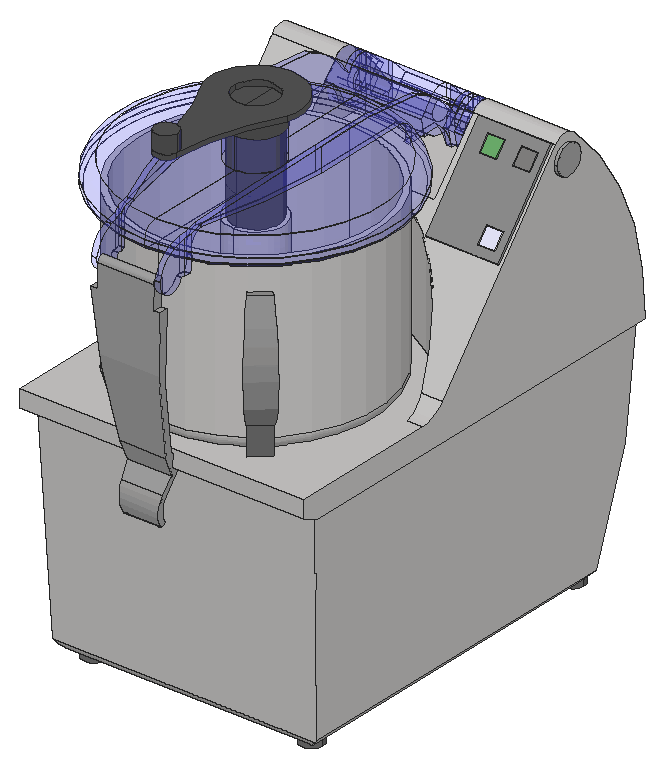
Revit family "QF_ELECTROLUXPROFESSIONAL_600511_K55YVVI", category Specialty Equipment, Revit 2018
Family settings
  Round Connector Dimension = Use Diameter
  Part Type = Normal
  Work Plane-Based = No
  Always vertical = Yes
  Cut with Voids When Loaded = No
  Shared = No
  Room Calculation Point = No
Parameters (values of type "Standard")
  Weight = 22.00 kg
  Watts = 0 W
  Volts = 200 V
  URL Manufacturer = "http://professional.electrolux.com"
  URL = "http://professional.electrolux.com"
  Steam Supply Size = 0 mm
  Steam Supply Minimum Pressure = 0.0 Pa
  Steam Supply Maximum Pressure = 0.0 Pa
  Steam Pounds per Hour = 0
  Refrigeration Suction Line Size = 0.0 mm
  Refrigeration Liquid Line Size = 0.0 mm
  Refrigerant Compressor Remote = yes
  Manufacturer = "Electrolux Professional"
  Phase = 1
  Model = "K55YVVI"
  Length Actual = 256.0 mm  # constant formula
  Item Number = "600511"
  Hot Water Size = 0 mm
  Height Actual = 482.0 mm  # constant formula
  HP = "1.7 HP"
  Gas Size = 0 mm
  Gas KW = 0
  Gas Input Pressure = 0 W
  Direct Waste Size = 0 mm
  Description = "CUTTER-MIXER 5.5L-MICROTOOTHED BLADE-VARIAB.SPEED-1300W-200-240V/1N/50-60-CB APPROVED, SCHUKO PLUG"
  Depth Actual = 415.0 mm  # constant formula
  Cycle = 50 Hz
  Condensate Return Size = 0 mm
  Compressed Air Volume = 0.0 L/s
  Compressed Air Size = 0 mm
  Compressed Air Pressure = 0.0 Pa
  Cold Water Size = 0 mm
  Accessory = yes
Reference planes
  plane 1 "Center (Front/Back)": y = 0
  plane 2: z = 0
  plane 3 "Center (Left/Right)": x = 0
  plane 4 "BASE": z = 6
  plane 5 "TOP": z = 685
  plane 6 "FRONT": y = -207.5
  plane 7 "BACK": y = 207.5
  plane 8 "LEFT": x = -128
  plane 9 "RIGHT": x = 128
  plane 10 "CenterX": x = -10
  plane 11 "Maniglia": through (-10, -59.177, 4000) normal (0.766, 0.6428, 0)
  plane 12 "Panel": through (4267.2, 107.252, 388.448) normal (0, 0.766, -0.6428)
  plane 13: z = 470
Forms (mm)
  Extrusion 1, solid, material "QF_Finishes_Stainless Steel"
    sketch origin (0, 0, 0) x (0, 1, 0) y (0, 0, 1)
      loop
        arc (155.897, 6) -> (160.37, 10.596) -> (163.359, 16.27) r 22.417
        arc (163.359, 16.27) -> (192.273, 107.896) -> (201.98, 203.483) r 470.678
        line (201.98, 203.483) -> (-161.42, 203.483)
        arc (-161.42, 203.483) -> (-159.547, 108.877) -> (-151.391, 14.604) r 1423.016
        arc (-151.391, 14.604) -> (-146.603, 8.365) -> (-139.103, 6) r 13.076
        line (-139.103, 6) -> (155.897, 6)
    from -128 to 128
  Extrusion 2, void
    sketch origin (0, -207.5, 0) x (-1, 0, 0) y (0, 0, 1)
      loop
        line (128, 203.483) -> (125, 203.483) -> (119.389, 16.27) -> (109.119, 6) -> (128, 6) -> (128, 203.483)
      loop
        line (-128, 203.483) -> (-128, 6) -> (-109.119, 6) -> (-119.389, 16.27) -> (-125, 203.483) -> (-128, 203.483)
    from 14.374 to 435.947
  Extrusion 3, solid, material "QF_Finishes_Stainless Steel"
    sketch origin (0, 0, 0) x (0, 1, 0) y (0, 0, 1)
      loop
        arc (207.5, 203.483) -> (187.745, 305.45) -> (127.203, 389.844) r 242.898
        arc (127.203, 389.844) -> (116.931, 393.38) -> (107.252, 388.448) r 13.902
        line (107.252, 388.448) -> (-20.106, 236.67)
        arc (-20.106, 236.67) -> (-30.264, 228.875) -> (-42.764, 226.104) r 29.578
        line (-42.764, 226.104) -> (-177.764, 226.104) -> (-177.764, 211.104) -> (-161.42, 203.483) -> (207.5, 203.483)
    from -128 to 128
  Extrusion 4, void
    sketch origin (0, -207.5, 0) x (-1, 0, 0) y (0, 0, 1)
      loop
        line (-53.607, 393.414) -> (-53.607, 336.684) -> (71.073, 336.684) -> (71.073, 393.414) -> (-53.607, 393.414)
    from 255.469 to 415
  Revolve 5, solid, material "QF_Plastic-Black"
    sketch origin (-10, 0, 0) x (0, -1, 0) y (0, 0, 1)
      loop
        line (59.177, 450.527) -> (28.516, 450.527) -> (35.424, 443.619) -> (35.424, 430.527) -> (38.194, 430.527) -> (38.194, 356.104) -> (59.177, 356.104) -> (59.177, 450.527)
      axis (59.177, 356.104) -> (59.177, 450.527)
    angle from 0 to 360
  Extrusion 6, solid, material "QF_Plastic-Black"
    sketch origin (0, 0, 0) x (1, 0, 0) y (0, 1, 0)
      loop
        arc (-48.167, -71.147) -> (-28.951, -114.517) -> (-19.956, -161.093) r 210.055
        arc (-19.956, -161.093) -> (-10, -170.155) -> (-0.044, -161.093) r 10
        arc (-0.044, -161.093) -> (8.951, -114.517) -> (28.167, -71.147) r 210.055
        arc (28.167, -71.147) -> (-10, -19.177) -> (-48.167, -71.147) r 40
    from 450.5 to 455
  Extrusion 7, solid, material "QF_Plastic-Black"
    sketch origin (0, 0, 0) x (1, 0, 0) y (0, 1, 0)
      loop
        circle (-10, -160.155) r 10
    from 455 to 470
  Extrusion 8, void
    sketch origin (0, 0, 0) x (1, 0, 0) y (0, 1, 0)
      loop
        circle (-10, -59.177) r 19
    from 427.6 to 472.8
  Extrusion 9, void
    sketch origin (0, 0, 0) x (1, 0, 0) y (0, 1, 0)
      loop
        arc (115, -59.177) -> (-10, 65.823) -> (-135, -59.177) r 125
        line (-135, -59.177) -> (115, -59.177)
    from 226.104 to 336.684
  Extrusion 10, void
    sketch origin (-20, 0, 0) x (-1, 0, 0) y (0, -1, 0)
      loop
        line (16.15, 177.864) -> (16.15, -123.86) -> (35.771, -123.86) -> (35.771, 48.192)
        arc (35.771, 48.192) -> (30.047, 105.502) -> (17.781, 161.776) r 500.876
        line (17.781, 161.776) -> (17.781, 171.776) -> (16.15, 177.864)
      loop
        line (40.771, -123.86) -> (45.852, -123.86) -> (45.852, 210.681) -> (21.15, 210.681) -> (21.15, 178.522) -> (22.781, 172.434) -> (22.781, 162.459)
        arc (22.781, 162.459) -> (35.047, 105.893) -> (40.771, 48.297) r 505.876
        line (40.771, 48.297) -> (40.771, -123.86)
    from 350.345 to 477.521
  Extrusion 11, solid, material "Glass"
    sketch origin (-20, 0, 0) x (0, 1, 0) y (0, 0, -1)
      loop
        line (-173.064, -369.647) -> (-181.303, -369.647)
        arc (-181.303, -369.647) -> (-196.341, -361.818) -> (-205.451, -376.117) r 12.548
        arc (-205.451, -376.117) -> (-199.87, -388.651) -> (-189.058, -397.099) r 28.357
        arc (-189.058, -397.099) -> (-65.868, -423.241) -> (59.99, -418.888) r 518.061
        arc (59.99, -418.888) -> (85.116, -404.522) -> (104.437, -382.973) r 90.696
        arc (104.437, -382.973) -> (113.885, -392.821) -> (127.203, -389.844) r 13.902
        arc (127.203, -389.844) -> (135.322, -382.188) -> (143.082, -374.167) r 242.898
        line (143.082, -374.167) -> (137.378, -368.464)
        arc (137.378, -368.464) -> (123.613, -353.84) -> (104.088, -358.543) r 20
        line (104.088, -358.543) -> (99.34, -358.543)
        arc (99.34, -358.543) -> (94.194, -371.609) -> (85.823, -382.884) r 53.446
        line (85.823, -382.884) -> (50.823, -382.884)
        arc (50.823, -382.884) -> (52.796, -383.701) -> (53.614, -385.674) r 2.79
        line (53.614, -385.674) -> (53.614, -390.892)
        arc (53.614, -390.892) -> (50.154, -399.244) -> (41.802, -402.703) r 11.812
        line (41.802, -402.703) -> (-160.307, -402.703)
        arc (-160.307, -402.703) -> (-168.659, -399.244) -> (-172.119, -390.892) r 11.812
        line (-172.119, -390.892) -> (-172.119, -385.826)
        arc (-172.119, -385.826) -> (-171.728, -384.361) -> (-170.659, -383.285) r 2.942
        line (-170.659, -383.285) -> (-173.064, -369.647)
      loop
        circle (117.901, -373.007) r 9.416
    from 16.15 to 45.852
  Extrusion 12, solid, material "Glass"
    sketch origin (0, 0, 0) x (0, 1, 0) y (0, 0, 1)
      loop
        line (137.378, 368.464) -> (143.082, 374.167)
        arc (143.082, 374.167) -> (135.322, 382.188) -> (127.203, 389.844) r 242.898
        arc (127.203, 389.844) -> (116.931, 393.38) -> (107.252, 388.448) r 13.902
        line (107.252, 388.448) -> (95.766, 374.76)
        arc (95.766, 374.76) -> (97.862, 366.72) -> (99.34, 358.543) r 108.872
        line (99.34, 358.543) -> (104.088, 358.543)
        arc (104.088, 358.543) -> (123.613, 353.84) -> (137.378, 368.464) r 20
      loop
        circle (117.901, 373.007) r 9.416
    from -71.073 to 53.607
  Extrusion 13, solid, material "QF_Finishes_Gray"
    sketch origin (0, 0, 0) x (0, 1, 0) y (0, 0, 1)
      loop
        arc (-182.273, 168.111) -> (-185.377, 178.111) -> (-182.273, 188.111) r 17.658
        line (-182.273, 188.111) -> (-169.592, 207.294) -> (-177.764, 211.104) -> (-177.764, 222.201) -> (-180.378, 224.815)
        arc (-180.378, 224.815) -> (-194.973, 298.318) -> (-196.805, 373.235) r 437.299
        arc (-196.805, 373.235) -> (-201.296, 377.726) -> (-205.788, 373.235) r 4.491
        arc (-205.788, 373.235) -> (-201.07, 296.739) -> (-185.461, 221.705) r 534.528
        line (-185.461, 221.705) -> (-177.764, 203.503) -> (-186.394, 190.943)
        arc (-186.394, 190.943) -> (-190.377, 178.111) -> (-186.394, 165.28) r 22.658
        arc (-186.394, 165.28) -> (-182.917, 164.635) -> (-182.273, 168.111) r 2.5
    from -49.646 to 27.326
  Extrusion 14, void
    sketch origin (0, -207.5, 0) x (-1, 0, 0) y (0, 0, 1)
      loop
        line (-15.15, 396.938) -> (-47.326, 396.938) -> (-47.326, 161.938) -> (-5.366, 161.938) -> (-20.516, 351.652) -> (-15.15, 351.652) -> (-15.15, 396.938)
      loop
        line (26.963, 161.938) -> (77.918, 161.938) -> (77.918, 396.938) -> (35.15, 396.938) -> (35.15, 351.652) -> (42.113, 351.652) -> (26.963, 161.938)
    from 46.08 to -69.339
  Extrusion 15, solid, material "Glass"
    sketch origin (0, 0, 0) x (0, 1, 0) y (0, 0, 1)
      loop
        line (-173.064, 369.647) -> (-170.659, 383.285)
        arc (-170.659, 383.285) -> (-171.728, 384.361) -> (-172.119, 385.826) r 2.942
        line (-172.119, 385.826) -> (-172.119, 390.892)
        arc (-172.119, 390.892) -> (-168.659, 399.244) -> (-160.307, 402.703) r 11.812
        line (-160.307, 402.703) -> (41.802, 402.703)
        arc (41.802, 402.703) -> (50.154, 399.244) -> (53.614, 390.892) r 11.812
        line (53.614, 390.892) -> (53.614, 385.674)
        arc (53.614, 385.674) -> (52.796, 383.701) -> (50.823, 382.884) r 2.79
        line (50.823, 382.884) -> (85.823, 382.884)
        arc (85.823, 382.884) -> (94.194, 371.609) -> (99.34, 358.543) r 53.446
        line (99.34, 358.543) -> (104.088, 358.543)
        arc (104.088, 358.543) -> (123.613, 353.84) -> (137.378, 368.464) r 20
        line (137.378, 368.464) -> (143.082, 374.167)
        arc (143.082, 374.167) -> (135.322, 382.188) -> (127.203, 389.844) r 242.898
        arc (127.203, 389.844) -> (113.885, 392.821) -> (104.437, 382.973) r 13.902
        arc (104.437, 382.973) -> (85.116, 404.522) -> (59.99, 418.888) r 90.696
        arc (59.99, 418.888) -> (-65.868, 423.241) -> (-189.058, 397.099) r 518.061
        arc (-189.058, 397.099) -> (-199.87, 388.651) -> (-205.451, 376.117) r 28.357
        arc (-205.451, 376.117) -> (-196.341, 361.818) -> (-181.303, 369.647) r 12.548
        line (-181.303, 369.647) -> (-173.064, 369.647)
      loop
        circle (117.901, 373.007) r 9.416
    from 16.15 to 45.852
  Extrusion 16, void
    sketch origin (0, 0, 0) x (1, 0, 0) y (0, 1, 0)
      loop
        line (16.15, -177.864) -> (17.781, -171.776) -> (17.781, -161.776)
        arc (17.781, -161.776) -> (30.047, -105.502) -> (35.771, -48.192) r 500.876
        line (35.771, -48.192) -> (35.771, 123.86) -> (16.15, 123.86) -> (16.15, -177.864)
      loop
        line (40.771, 123.86) -> (40.771, -48.297)
        arc (40.771, -48.297) -> (35.047, -105.893) -> (22.781, -162.459) r 505.876
        line (22.781, -162.459) -> (22.781, -172.434) -> (21.15, -178.522) -> (21.15, -210.681) -> (45.852, -210.681) -> (45.852, 123.86) -> (40.771, 123.86)
    from 350.345 to 477.521
  Revolve 17, solid, material "Glass"
    sketch origin (-10, 0, -40) x (0, -1, 0) y (0, 0, 1)
      loop
        line (38.194, 422.884) -> (38.194, 470.527) -> (35.424, 470.527) -> (35.424, 442.703) -> (-53.802, 442.703)
        arc (-53.802, 442.703) -> (-62.213, 439.268) -> (-65.732, 430.892) r 11.871
        line (-65.732, 430.892) -> (-65.732, 425.793)
        arc (-65.732, 425.793) -> (-64.88, 423.736) -> (-62.823, 422.884) r 2.909
        line (-62.823, 422.884) -> (38.194, 422.884)
      axis (59.177, 422.884) -> (59.177, 470.527)
    angle from 0 to 360
  Revolve 18, solid, material "QF_Metal-Stainless-Polished"
    sketch origin (-10, 0, 0) x (0, -1, 0) y (0, 0, 1)
      loop
        line (169.177, 382.884) -> (164.177, 382.884) -> (164.177, 237.884)
        arc (164.177, 237.884) -> (162.191, 233.09) -> (157.397, 231.104) r 6.78
        line (157.397, 231.104) -> (84.177, 231.104) -> (84.177, 356.104) -> (79.177, 356.104) -> (79.177, 226.104) -> (157.397, 226.104)
        arc (157.397, 226.104) -> (165.726, 229.554) -> (169.177, 237.884) r 11.78
        line (169.177, 237.884) -> (169.177, 382.884)
      axis (59.177, 382.884) -> (59.177, 226.104)
    angle from 0 to 360
  Extrusion 19, solid, material "QF_Plastic-Gray-Matte"
    sketch origin (-49.423, -13.925, 0) x (0.634002, 0.773331, 0) y (-0.773331, 0.634002, 0)
      loop
        line (-55.497, -222.333) -> (-26.468, -227.794) -> (-20.635, -161.119)
        arc (-20.635, -161.119) -> (-28.727, -159.898) -> (-36.729, -158.185) r 133.529
        line (-36.729, -158.185) -> (-55.497, -222.333)
    from 226.104 to 356.104
  Revolve 20, void
    sketch origin (-35.007, -29.374, 0) x (-0.642788, 0.766044, 0) y (0, 0, 1)
      loop
        arc (-155.215, 337.579) -> (-171.344, 302.579) -> (-155.215, 267.579) r 46.04
        line (-155.215, 267.579) -> (-147.754, 267.579) -> (-147.754, 337.579) -> (-155.215, 337.579)
      loop
        line (-155.215, 356.104) -> (-147.754, 356.104) -> (-147.754, 361.761) -> (-215.215, 361.761) -> (-215.215, 226.104) -> (-147.754, 226.104) -> (-147.754, 256.485) -> (-163.93, 256.485)
        arc (-163.93, 256.485) -> (-184.453, 308.471) -> (-155.215, 356.104) r 62.537
      axis (10, 361.761) -> (10, 226.104)
    angle from -8.217 to 8.652
  Extrusion 21, solid, material "QF_Finishes_Rubber Black"
    sketch origin (0, 0, 0) x (1, 0, 0) y (0, 1, 0)
      loop
        arc (57.446, -154.071) -> (64.931, -148.135) -> (72.061, -141.775) r 165.215
        line (72.061, -141.775) -> (66.401, -136.116)
        arc (66.401, -136.116) -> (59.824, -141.977) -> (52.928, -147.46) r 157.215
        line (52.928, -147.46) -> (57.446, -154.071)
    from 226.104 to 256.485
  Extrusion 22, solid, material "QF_Plastic-Gray-Matte"
    sketch origin (0, -128.336, 107.686) x (0, 0.642788, 0.766044) y (1, 0, 0)
      loop
        line (366.07, 59.066) -> (366.07, 124.8) -> (272.743, 124.8) -> (272.743, 59.066) -> (366.07, 59.066)
      loop
        line (356.63, 102.599) -> (356.63, 117.599) -> (341.63, 117.599) -> (341.63, 102.599) -> (356.63, 102.599)
      loop
        line (295.63, 102.599) -> (295.63, 117.599) -> (280.63, 117.599) -> (280.63, 102.599) -> (295.63, 102.599)
      loop
        line (356.63, 72.599) -> (356.63, 87.599) -> (341.63, 87.599) -> (341.63, 72.599) -> (356.63, 72.599)
    from -1 to 0.6
  Extrusion 23, solid, material "QF_Finishes_Red"
    sketch origin (0, -128.336, 107.686) x (0, 0.642788, 0.766044) y (1, 0, 0)
      loop
        line (356.63, 102.599) -> (356.63, 117.599) -> (341.63, 117.599) -> (341.63, 102.599) -> (356.63, 102.599)
    from -1 to 0.6
  Extrusion 24, solid, material "QF_Finishes_Green"
    sketch origin (-27.396, -127.834, 108.284) x (0, 0.642788, 0.766044) y (1, 0, 0)
      loop
        line (355.85, 99.994) -> (355.85, 114.994) -> (340.786, 114.994) -> (340.786, 99.994) -> (355.85, 99.994)
    from -1 to 0.6
  Extrusion 25, solid, material "QF_Plastic-White-Matte"
    sketch origin (0, -167.546, 60.958) x (0, 0.642788, 0.766044) y (1, 0, 0)
      loop
        line (356.63, 102.599) -> (356.63, 117.599) -> (341.63, 117.599) -> (341.63, 102.599) -> (356.63, 102.599)
    from -1 to 0.6
  Extrusion 26, solid, material "QF_Finishes_Stainless Steel"
    sketch origin (0, 207.5, 0) x (-1, 0, 0) y (0, 0, 1)
      loop
        circle (0, 202) r 10.353
    from -6.2 to 3
  Revolve 27, solid, material "QF_Door-Drawer Clearances", detail levels coarse
    sketch origin (-10, -221.856, 479.549) x (0, 0, 1) y (0, 1, 0)
      loop
        line (59.177, 490.527) -> (28.516, 490.527) -> (35.424, 483.619) -> (35.424, 470.527) -> (38.194, 470.527) -> (38.194, 442.703) -> (59.177, 442.703) -> (59.177, 490.527)
      axis (59.177, 442.703) -> (59.177, 490.527)
    angle from 0 to 360
  Extrusion 28, solid, material "QF_Door-Drawer Clearances", detail levels coarse
    sketch origin (0, -221.856, 479.549) x (1, 0, 0) y (0, 0, -1)
      loop
        arc (-48.167, -71.147) -> (-28.951, -114.517) -> (-19.956, -161.093) r 210.055
        arc (-19.956, -161.093) -> (-10, -170.155) -> (-0.044, -161.093) r 10
        arc (-0.044, -161.093) -> (8.951, -114.517) -> (28.167, -71.147) r 210.055
        arc (28.167, -71.147) -> (-10, -19.177) -> (-48.167, -71.147) r 40
    from 490.527 to 495.013
  Extrusion 29, solid, material "QF_Door-Drawer Clearances", detail levels coarse
    sketch origin (0, -221.856, 479.549) x (1, 0, 0) y (0, 0, -1)
      loop
        circle (-10, -160.155) r 10
    from 495.013 to 510.592
  Extrusion 30, void
    sketch origin (-20, -221.856, 479.359) x (-1, 0, 0) y (0, 0, 1)
      loop
        line (16.15, 177.864) -> (16.15, -123.86) -> (35.771, -123.86) -> (35.771, 48.192)
        arc (35.771, 48.192) -> (30.047, 105.502) -> (17.781, 161.776) r 500.876
        line (17.781, 161.776) -> (17.781, 171.776) -> (16.15, 177.864)
      loop
        line (40.771, -123.86) -> (45.852, -123.86) -> (45.852, 210.681) -> (21.15, 210.681) -> (21.15, 178.522) -> (22.781, 172.434) -> (22.781, 162.459)
        arc (22.781, 162.459) -> (35.047, 105.893) -> (40.771, 48.297) r 505.876
        line (40.771, 48.297) -> (40.771, -123.86)
    from 350.345 to 477.521
  Extrusion 31, solid, material "QF_Door-Drawer Clearances", detail levels coarse
    sketch origin (-20, -221.856, 479.359) x (0, 0, -1) y (0, -1, 0)
      loop
        line (-173.064, -409.647) -> (-181.303, -409.647)
        arc (-181.303, -409.647) -> (-196.341, -401.818) -> (-205.451, -416.117) r 12.548
        arc (-205.451, -416.117) -> (-199.87, -428.651) -> (-189.058, -437.099) r 28.357
        arc (-189.058, -437.099) -> (-65.868, -463.241) -> (59.99, -458.888) r 518.061
        arc (59.99, -458.888) -> (92.246, -438.11) -> (113.023, -405.855) r 90.696
        arc (113.023, -405.855) -> (114.903, -399.662) -> (115.972, -393.28) r 50.278
        arc (115.972, -393.28) -> (121.968, -392.806) -> (127.203, -389.844) r 13.902
        arc (127.203, -389.844) -> (129.309, -387.924) -> (131.393, -385.98) r 242.898
        arc (131.393, -385.98) -> (114.739, -373.307) -> (99.238, -359.247) r 242.898
        arc (99.238, -359.247) -> (87.934, -393.903) -> (65.823, -422.884) r 108.872
        line (65.823, -422.884) -> (50.823, -422.884)
        arc (50.823, -422.884) -> (52.796, -423.701) -> (53.614, -425.674) r 2.79
        line (53.614, -425.674) -> (53.614, -430.892)
        arc (53.614, -430.892) -> (50.154, -439.244) -> (41.802, -442.703) r 11.812
        line (41.802, -442.703) -> (-160.307, -442.703)
        arc (-160.307, -442.703) -> (-168.659, -439.244) -> (-172.119, -430.892) r 11.812
        line (-172.119, -430.892) -> (-172.119, -425.826)
        arc (-172.119, -425.826) -> (-171.728, -424.361) -> (-170.659, -423.285) r 2.942
        line (-170.659, -423.285) -> (-173.064, -409.647)
    from 16.15 to 45.852
  Extrusion 32, void
    sketch origin (0, -221.856, 479.359) x (1, 0, 0) y (0, 0, -1)
      loop
        line (16.15, -177.864) -> (17.781, -171.776) -> (17.781, -161.776)
        arc (17.781, -161.776) -> (30.047, -105.502) -> (35.771, -48.192) r 500.876
        line (35.771, -48.192) -> (35.771, 123.86) -> (16.15, 123.86) -> (16.15, -177.864)
      loop
        line (40.771, 123.86) -> (40.771, -48.297)
        arc (40.771, -48.297) -> (35.047, -105.893) -> (22.781, -162.459) r 505.876
        line (22.781, -162.459) -> (22.781, -172.434) -> (21.15, -178.522) -> (21.15, -210.681) -> (45.852, -210.681) -> (45.852, 123.86) -> (40.771, 123.86)
    from 350.345 to 477.521
  Extrusion 33, solid, material "QF_Door-Drawer Clearances", detail levels coarse
    sketch origin (0, -221.856, 479.359) x (0, 0, -1) y (0, 1, 0)
      loop
        line (-173.064, 409.647) -> (-170.659, 423.285)
        arc (-170.659, 423.285) -> (-171.728, 424.361) -> (-172.119, 425.826) r 2.942
        line (-172.119, 425.826) -> (-172.119, 430.892)
        arc (-172.119, 430.892) -> (-168.659, 439.244) -> (-160.307, 442.703) r 11.812
        line (-160.307, 442.703) -> (41.802, 442.703)
        arc (41.802, 442.703) -> (50.154, 439.244) -> (53.614, 430.892) r 11.812
        line (53.614, 430.892) -> (53.614, 425.674)
        arc (53.614, 425.674) -> (52.796, 423.701) -> (50.823, 422.884) r 2.79
        line (50.823, 422.884) -> (65.823, 422.884)
        arc (65.823, 422.884) -> (87.934, 393.903) -> (99.238, 359.247) r 108.872
        arc (99.238, 359.247) -> (114.739, 373.307) -> (131.393, 385.98) r 242.898
        arc (131.393, 385.98) -> (129.309, 387.924) -> (127.203, 389.844) r 242.898
        arc (127.203, 389.844) -> (121.968, 392.806) -> (115.972, 393.28) r 13.902
        arc (115.972, 393.28) -> (114.903, 399.662) -> (113.023, 405.855) r 50.278
        arc (113.023, 405.855) -> (92.246, 438.11) -> (59.99, 458.888) r 90.696
        arc (59.99, 458.888) -> (-65.868, 463.241) -> (-189.058, 437.099) r 518.061
        arc (-189.058, 437.099) -> (-199.87, 428.651) -> (-205.451, 416.117) r 28.357
        arc (-205.451, 416.117) -> (-196.341, 401.818) -> (-181.303, 409.647) r 12.548
        line (-181.303, 409.647) -> (-173.064, 409.647)
    from 16.15 to 45.852
  Revolve 34, solid, material "QF_Door-Drawer Clearances", detail levels coarse
    sketch origin (-10, -221.856, 479.549) x (0, 0, 1) y (0, 1, 0)
      loop
        line (38.194, 422.884) -> (38.194, 470.527) -> (35.424, 470.527) -> (35.424, 442.703) -> (-53.802, 442.703)
        arc (-53.802, 442.703) -> (-62.213, 439.268) -> (-65.732, 430.892) r 11.871
        line (-65.732, 430.892) -> (-65.732, 425.793)
        arc (-65.732, 425.793) -> (-64.88, 423.736) -> (-62.823, 422.884) r 2.909
        line (-62.823, 422.884) -> (38.194, 422.884)
      axis (59.177, 422.884) -> (59.177, 470.527)
    angle from 0 to 360
  Extrusion 35, solid, material "QF_Finishes_Rubber Black"
    sketch origin (0, 0, 0) x (1, 0, 0) y (0, 1, 0)
      loop
        circle (-98.592, 163.359) r 10
      loop
        circle (-98.592, -131.641) r 10
      loop
        circle (98.592, 163.359) r 10
      loop
        circle (98.592, -131.641) r 10
    from 0 to 6
  Extrusion 36, solid, material "QF_Finishes_Gray"
    sketch origin (0, 0, 0) x (0, 1, 0) y (0, 0, 1)
      loop
        circle (117.901, 373.007) r 13.005
    from 131.516 to 128
  Extrusion 37, solid, material "QF_Finishes_Gray"
    sketch origin (0, 0, 0) x (0, 1, 0) y (0, 0, -1)
      loop
        circle (117.901, -373.007) r 13.005
    from 131.516 to 128
Cuts and joins
  Extrusion 2, Extrusion 8, Extrusion 9 cuts Extrusion 1
  Extrusion 4, Extrusion 9 cuts Extrusion 3
  Extrusion 8 cuts Extrusion 6
  Extrusion 10, Extrusion 16, Extrusion 30, Extrusion 32 cuts Extrusion 11
  Extrusion 14, Extrusion 16, Extrusion 30 cuts Extrusion 13
  Extrusion 16, Extrusion 30, Extrusion 32 cuts Extrusion 12
  Extrusion 16 cuts Extrusion 15
  Revolve 20 cuts Extrusion 19
  Extrusion 30 cuts Revolve 17
  Extrusion 30 cuts Revolve 18
  Extrusion 30, Extrusion 32 cuts Extrusion 31
  Extrusion 32 cuts Extrusion 33
Lines and regions (mm)
  symbolic lines
    curve 1: arc (-10, -172.155, 0) -> (3.999, -171.284, 0) -> (17.781, -168.686, 0) r 112.979
    curve 2: arc (-10, -184.085, 0) -> (-23.148, -183.391, 0) -> (-36.15, -181.317, 0) r 124.909
    curve 3: line (128, -157.764, 0) -> (128, 187.57, 0)
    curve 4: line (124.8, 106.204, 0) -> (59.066, 106.204, 0)
    curve 5: line (102.599, 90.494, 0) -> (117.599, 90.494, 0)
    curve 6: line (117.599, 62.151, 0) -> (102.599, 62.151, 0)
    curve 7: line (102.599, 51.284, 0) -> (117.599, 51.284, 0)
    curve 8: line (102.599, 62.151, 0) -> (102.599, 51.284, 0)
    curve 9: line (117.599, 51.284, 0) -> (117.599, 62.151, 0)
    curve 10: line (117.599, 90.494, 0) -> (117.599, 101.361, 0)
    curve 11: line (102.599, 101.361, 0) -> (102.599, 90.494, 0)
    curve 12: arc (-0.044, -161.093, 0) -> (8.951, -114.517, 0) -> (28.167, -71.147, 0) r 210.055
    curve 13: arc (28.167, -71.147, 0) -> (-10, -19.177, 0) -> (-48.167, -71.147, 0) r 40
    curve 14: arc (-48.167, -71.147, 0) -> (-28.951, -114.517, 0) -> (-19.956, -161.093, 0) r 210.055
    curve 15: arc (-19.956, -161.093, 0) -> (-10, -170.155, 0) -> (-0.044, -161.093, 0) r 10
    curve 16: arc (0, -160.155, 0) -> (-10, -150.155, 0) -> (-20, -160.155, 0) r 10
    curve 17: arc (-55.771, -48.192, 0) -> (-50.047, -105.502, 0) -> (-37.781, -161.776, 0) r 500.876
    curve 18: arc (-42.781, -162.459, 0) -> (-55.047, -105.893, 0) -> (-60.771, -48.297, 0) r 505.876
    curve 19: line (-55.771, 123.86, 0) -> (-55.771, -48.192, 0)
    curve 20: line (-60.771, -48.297, 0) -> (-60.771, 123.86, 0)
    curve 21: line (40.771, 123.86, 0) -> (40.771, -48.297, 0)
    curve 22: line (35.771, -48.192, 0) -> (35.771, 123.86, 0)
    curve 23: arc (40.771, -48.297, 0) -> (35.047, -105.893, 0) -> (22.781, -162.459, 0) r 505.876
    curve 24: arc (17.781, -161.776, 0) -> (30.047, -105.502, 0) -> (35.771, -48.192, 0) r 500.876
    curve 25: line (22.781, -162.459, 0) -> (22.781, -172.434, 0)
    curve 26: line (17.781, -171.776, 0) -> (17.781, -161.776, 0)
    curve 27: line (16.15, -177.864, 0) -> (17.781, -171.776, 0)
    curve 28: line (22.781, -172.434, 0) -> (21.15, -178.522, 0)
    curve 29: line (21.15, -178.522, 0) -> (21.15, -205.641, 0)
    curve 30: line (-37.781, -161.776, 0) -> (-37.781, -171.776, 0)
    curve 31: line (-42.781, -172.434, 0) -> (-42.781, -162.459, 0)
    curve 32: line (-41.15, -178.522, 0) -> (-42.781, -172.434, 0)
    curve 33: line (-37.781, -171.776, 0) -> (-36.15, -177.864, 0)
    curve 34: line (-41.15, -205.641, 0) -> (-41.15, -178.522, 0)
    curve 35: spline (22.008, -197.61, 0) -> (21.937, -197.617, 0) -> (21.865, -197.622, 0) -> (21.794, -197.626, 0) -> (21.722, -197.627, 0) -> (21.651, -197.627, 0) -> (21.579, -197.625, 0) -> (21.508, -197.621, 0) -> (21.436, -197.615, 0) -> (21.365, -197.608, 0) -> (21.293, -197.598, 0) -> (21.222, -197.587, 0) -> (21.15, -197.574, 0)
    curve 36: line (-71.073, 171.51, 0) -> (53.607, 171.51, 0)
    curve 37: line (59.066, 46.214, 0) -> (124.8, 46.214, 0)
    curve 38: line (59.066, 106.204, 0) -> (59.066, 46.214, 0)
    curve 39: line (124.8, 46.214, 0) -> (124.8, 107.429, 0)
    curve 40: line (53.607, 48.324, 0) -> (53.607, 171.51, 0)
    curve 41: line (-71.073, 171.51, 0) -> (-71.073, 49.783, 0)
    curve 42: arc (40.771, 54.948, 0) -> (114.476, -69.566, 0) -> (21.15, -180.138, 0) r 124.909
    curve 43: arc (-60.771, 41.751, 0) -> (-122.562, -68.863, 0) -> (-42.781, -167.295, 0) r 112.979
    curve 44: line (93.154, -162.392, 0) -> (78.293, -147.531, 0)
    curve 45: line (93.154, -162.392, 0) -> (74.048, -178.424, 0)
    curve 46: line (74.048, -178.424, 0) -> (61.96, -161.274, 0)
    curve 47: arc (-37.781, -168.686, 0) -> (-23.999, -171.284, 0) -> (-10, -172.155, 0) r 112.979
    curve 48: arc (-41.15, -180.138, 0) -> (-94.625, -151.05, 0) -> (-128, -100.142, 0) r 124.909
    curve 49: arc (22.781, -167.295, 0) -> (102.562, -68.863, 0) -> (40.771, 41.751, 0) r 112.979
    curve 50: arc (16.15, -181.317, 0) -> (3.148, -183.391, 0) -> (-10, -184.085, 0) r 124.909
    curve 51: line (16.15, -205.242, 0) -> (16.15, -177.864, 0)
    curve 52: line (-36.15, -205.641, 0) -> (-36.15, -177.864, 0)
    curve 53: line (-41.15, -205.641, 0) -> (21.15, -205.641, 0)
    curve 54: line (22.008, -205.53, 0) -> (22.008, -197.61, 0)
    curve 55: line (22.008, -205.53, 0) -> (21.15, -205.53, 0)
    curve 56: spline (-42.008, -197.61, 0) -> (-41.937, -197.617, 0) -> (-41.865, -197.622, 0) -> (-41.794, -197.626, 0) -> (-41.722, -197.627, 0) -> (-41.651, -197.627, 0) -> (-41.579, -197.625, 0) -> (-41.508, -197.621, 0) -> (-41.436, -197.615, 0) -> (-41.365, -197.608, 0) -> (-41.293, -197.598, 0) -> (-41.222, -197.587, 0) -> (-41.15, -197.574, 0)
    curve 57: line (-42.008, -205.53, 0) -> (-42.008, -197.61, 0)
    curve 58: line (-42.008, -205.53, 0) -> (-41.15, -205.53, 0)
    curve 59: arc (-128, -18.211, 0) -> (-101.973, 25.34, 0) -> (-60.771, 54.948, 0) r 124.909
    curve 60: arc (-128, -100.142, 0) -> (-134.909, -59.177, 0) -> (-128, -18.211, 0) r 124.909
    curve 61: line (-108, -177.764, 0) -> (-49.233, -177.764, 0)
    curve 62: line (-128, 187.57, 0) -> (-128, -17.764, 0)
    curve 63: line (29.233, -177.764, 0) -> (108, -177.764, 0)
    curve 64: line (-128, -97.764, 0) -> (-128, -157.764, 0)
    curve 65: line (-108, 207.57, 0) -> (108, 207.57, 0)
    curve 66: arc (-128, -157.764, 0) -> (-122.142, -171.906, 0) -> (-108, -177.764, 0) r 20
    curve 67: arc (108, -177.764, 0) -> (122.142, -171.906, 0) -> (128, -157.764, 0) r 20
    curve 68: arc (128, 187.57, 0) -> (122.142, 201.713, 0) -> (108, 207.57, 0) r 20
    curve 69: arc (-108, 207.57, 0) -> (-122.142, 201.713, 0) -> (-128, 187.57, 0) r 20
    curve 70: line (45.852, 123.86, 0) -> (-71.073, 123.86, 0)
    curve 71: line (45.852, 137.378, 0) -> (-65.852, 137.378, 0)
    curve 72: line (45.852, 143.082, 0) -> (-65.852, 143.082, 0)
    curve 73: line (53.607, 123.86, 0) -> (45.852, 123.86, 0)
    curve 74: line (45.852, 123.86, 0) -> (45.852, 170.216, 0)
    curve 75: line (45.852, 170.216, 0) -> (-65.852, 170.216, 0)
    curve 76: line (-65.852, 170.216, 0) -> (-65.852, 123.86, 0)
    curve 77: line (102.599, 101.361, 0) -> (117.599, 101.361, 0)
    curve 78: line (72.599, 90.494, 0) -> (87.599, 90.494, 0)
    curve 79: line (87.599, 90.494, 0) -> (87.599, 101.361, 0)
    curve 80: line (72.599, 101.361, 0) -> (72.599, 90.494, 0)
    curve 81: line (72.599, 101.361, 0) -> (87.599, 101.361, 0)
Dimensions and locks
  plane 4 "BASE" to level = 6.0 mm
  plane 5 "TOP" to level = 685.0 mm  (x2)
  plane 8 "LEFT" to plane 3 "Center (Left/Right)" to plane 9 "RIGHT" = 128.0 mm, 128.0 mm
  plane 7 "BACK" to plane 1 "Center (Front/Back)" to plane 6 "FRONT" = 207.5 mm, 207.5 mm
  plane 7 "BACK" to plane 6 "FRONT" = 415.0 mm
  plane 8 "LEFT" to plane 9 "RIGHT" = 256.0 mm
  plane 10 "CenterX" to plane 3 "Center (Left/Right)" = 10.0 mm
  plane 13 to level = 470.0 mm
  aligned and locked: level to plane 2
  aligned and locked: Extrusion 22 sketch curve to Extrusion 23
Connectors
  electrical at (0, 210.5, 202)
    settings: on Extrusion 26, index 1, voltage 0 V, apparent load 0 VA, apparent load phase1 0 VA, apparent load phase2 0 VA, apparent load phase3 0 VA, power factor 1, load classification "Other", number of poles 1, system type 30, power factor state 1, is connector primary yes, connector utility no, sub classification motor no, connector description "Electrical connection"
